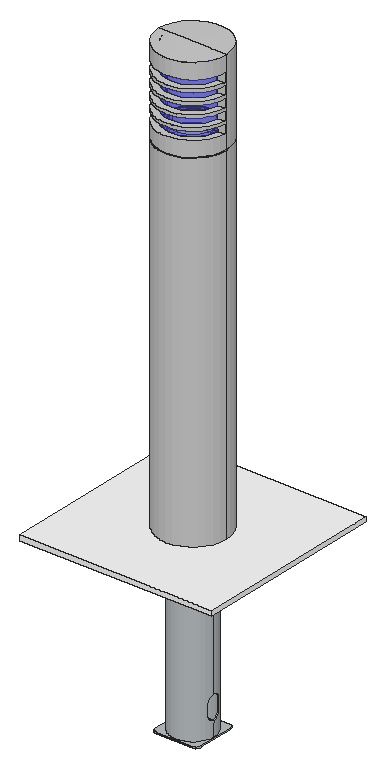
Revit family "BE_84317_de_DE", category Leuchten, Revit 2020
Family settings
  Basisbauteil = Fläche
  Bemaßung runder Anschluss = Durchmesser verwenden
  Teiletyp = Normal
  Beim Laden mit Abzugskörper schneiden = Ja
  Lichtquelle = Ja
  Gemeinsam genutzt = Nein
  Raumberechnungspunkt = Ja
Parameters (values of type "BEGA_84317_Silber_K4")
  built-in parameter 1150104 = 12.747 (stored number, unit not read)
  Wattage = 8.2 W
  Default Elevation = 0 mm
  built-in parameter 1150113 = 1 (stored number, unit not read)
  built-in parameter 1114218 = 1 (stored number, unit not read)
  Umgebungstemperatur = "25 °C"
  URL = "https://www.bega.com/de/produkt/84317"
  Typenkommentare = "© 2022 BEGA. Wir behalten uns das Recht vor, technische Änderungen ohne vorherige Ankündigung vorzunehmen."  # constant formula
  Type Image = 84317.png
  built-in parameter 1150134 = 12
  built-in parameter 1150109 = 1 (stored number, unit not read)
  Strom = ""
  built-in parameter 1150110 = 1 (stored number, unit not read)
  Spannung = 239.996 V
  Sonderanfertigung = no
  Seriennummer [instance] = "Hier können Sie die eindeutige Seriennummer für das Facility Management eintragen."
  Schutzklasse = "I"
  Schutzart = "IP 65"
  Scheinlast = 0 VA
  Produktdatenblatt = "https://cdn.bega.com/bega/products/84317AK3/current/documents/data-sheets/de"
  Oberflächentemperatur = ""
  Neigungswinkel = 0.00°
  Modell = "84317AK4"
  Material_18 = BEGA_Gummi_schwarz
  Material_17 = BEGA_Reflektor
  Material_15 = BEGA_Leuchtmedium_matt
  Material_11 = BEGA_Glas_opal
  Material_09 = BEGA_Glas_klar
  Material_08 = BEGA_Oberfläche_Stahl_verzinkt
  Material_06 = BEGA_Oberfläche_Edelstahl_gebürstet
  Material_03 = BEGA_Oberfläche_Weiss_matt
  Material_02 = BEGA_Oberfläche_Silber_matt
  Material_01 [instance] = BEGA_Oberfläche_Grafit_matt
  M_W = no
  M_G = no
  M_A = yes
  Logo = 0
  built-in parameter 1114217 = 1 (stored number, unit not read)
  built-in parameter 1150139 = (empty or 0)
  built-in parameter 1150105 = 89.534 (stored number, unit not read)
  built-in parameter 1150114 = 1 (stored number, unit not read)
  Lumens = 1125.12 lm
  built-in parameter 1150115 = 1 (stored number, unit not read)
  Leuchtenlichtstrom = "160 lm"
  Leuchtenanzahl = ""
  Lebensdauerkriterien = "L70B50 @ 25 °C = 200000 h"
  Lastklassifizierung = Beleuchtung
  built-in parameter 1150112 = 1 (stored number, unit not read)
  Lampenlichtstrom = "1415 lm"
  Lampe = "LED 8 W"
  LED_Modulbezeichnung = "LED-0292/840"
  built-in parameter 1150142 = (empty or 0)
  Hersteller = "BEGA"  # constant formula
  Halbstreuwinkel = ""
  Gewicht = "8.4 kg"
  Gebrauchslageneinschränkung [instance] = ""
  Frequenz = "0/50-60 Hz"
  Farbwiedergabeindex = "CRI > 80"
  Farbtemperaturverschiebung bei Dämpfen der Lampe = <Keine Auswahl>
  Farbtemperatur = "4000 K"
  Color Filter = 16777215
  built-in parameter 1150133 = 10 (stored number, unit not read)
  Energieeffizienzklasse = "LED A++ - A"
  built-in parameter 1150137 = (empty or 0)
  built-in parameter 1150132 = (empty or 0)
  ENEC = "ja"
  Dimmbar [instance] = "DALI"
  Datei für fotometrisches Netz = "BE_84317K4.IES"
  CE_Konformität = "ja"
  Bestellnummer = "84317AK4"
  Beschreibung_Sonderanfertigung = "Hier können Sie Informationen zur Sonderanfertigung eintragen."
  Beschreibung = "Garten- und Wegeleuchte"
  built-in parameter 1150106 = 0.89534 (stored number, unit not read)
  Befestigungsbohrung = ""
  Befestigungsabstand = ""
  Ballwurfsicher = ""
  BEGA_Intern_aus = yes
  BEGA_Intern_an = yes
  BEGA_Intern_Konstruktion = yes
  BEGA_Intern = yes
  BEGA_IES = yes
  BEGA_Dummy = no
  Anschlussleitung = ""
  Anschlussleistung [instance] = "9.8 W"
  built-in parameter 1150107 = 4000 (stored number, unit not read)
  built-in parameter 1150102 = (empty or 0)
  built-in parameter 1150138 = (empty or 0)
  Aktualisierung = "2022-05-19T04:00:07"
  Abstand_zur_angestrahlten_Fläche [instance] = ""
  AC/DC = "AC/DC"
Types (4, lengths in mm): name | built-in parameter 1150134 | Modell | M_G | M_A | Leuchtenlichtstrom | Lampenlichtstrom | LED_Modulbezeichnung | Farbtemperatur | Datei für fotometrisches Netz | Bestellnummer | built-in parameter 1150107
  BEGA_84317_Grafit_K4 | 12 | "84317K4" | yes | no | "160 lm" | "1415 lm" | "LED-0292/840" | "4000 K" | "BE_84317K4.IES" | "84317K4" | 4000 (stored number, unit not read)
  BEGA_84317_Grafit_K3 | (empty or 0) | "84317K3" | yes | no | "158 lm" | "1395 lm" | "LED-0292/830" | "3000 K" | "BE_84317K3.IES" | "84317K3" | 3000 (stored number, unit not read)
  BEGA_84317_Silber_K4 | 12 | "84317AK4" | no | yes | "160 lm" | "1415 lm" | "LED-0292/840" | "4000 K" | "BE_84317K4.IES" | "84317AK4" | 4000 (stored number, unit not read)
  BEGA_84317_Silber_K3 | (empty or 0) | "84317AK3" | no | yes | "158 lm" | "1395 lm" | "LED-0292/830" | "3000 K" | "BE_84317K3.IES" | "84317AK3" | 3000 (stored number, unit not read)
Reference planes
  plane 1 "Mitte (Vorne/Hinten)": y = 0
  plane 2: z = 0
  plane 3 "Mitte (Links/Rechts)": x = 0
  plane 4 "Links": x = -70
  plane 5 "Rechts": x = 70
  plane 6 "Unten": y = -70.001
  plane 7 "Oben": y = 70
  plane 8 "Vorne": z = 906.03
  plane 9 "Hinten": z = -380.009
Forms (mm)
  Extrusion 1, solid, material "BEGA_Platte_Weiss"
    sketch origin (0, -1119.2, 0) x (1, 0, 0) y (0, 1, 0)
      loop
        line (-200, 1319.2) -> (-200, 919.2) -> (200, 919.2) -> (200, 1319.2) -> (-200, 1319.2)
    from 0 to -10
  Extrusion 2, solid, material "BEGA_Dummy_matt", visible <- "BEGA_Dummy"
    sketch origin (77.149, -76.023, 0) x (1, 0, 0) y (0, 1, 0)
      loop
        circle (-77.149, 76.023) r 70
    from 0 to 906.03
Dimensions and locks
  plane 1 "Mitte (Vorne/Hinten)" to Extrusion 1 = 200 mm
  aligned and locked: plane 2 to Extrusion 1
  aligned and locked: level to Extrusion 1
Nested families
  nested 1: "84317" at (0, 0, 0), type "84317"
Connectors
  electrical at (0, 0, 0), driven by "Lastklassifizierung", driven by "Spannung", driven by "Scheinlast"
    settings: index 1, voltage 239.996 V, apparent load 0 VA, apparent load phase1 0 VA, apparent load phase2 0 VA, apparent load phase3 0 VA, power factor 1, load classification "Beleuchtung", number of poles 1, system type 31, power factor state 1, is connector primary yes, connector utility no, sub classification motor no, connector description ""
Definition of nested family "84317"
  Parameters (values of type "84317")
    Default Elevation = 1 mm
    URL = "http://www.bega.de/de/produkt"
    Type Comments = "© 2015 BEGA. Wir behalten uns das Recht vor, technische Änderungen ohne vorherige Ankündigung vorzunehmen. "  # constant formula
    Type Image = (empty or 0)
    Neigungswinkel_um_Z2 = 0.00°
    Neigungswinkel_um_Z1 = 0.00°
    Neigungswinkel_um_Y2 = 0.00°
    Neigungswinkel_um_Y1 = 0.00°
    Neigungswinkel_um_X2 = 0.00°
    Neigungswinkel_um_X1 = 0.00°
    Material_18 = none
    Material_17 = none
    Material_15 = none
    Material_11 = none
    Material_09 = none
    Material_08 = none
    Material_06 = none
    Material_02 = none
    Material_01 = none
    M_W = yes
    M_G = yes
    M_A = yes
    Länge_Platte = 200 mm  # constant formula
    Höhe_Platte = -10 mm  # constant formula
    Manufacturer = "BEGA"  # constant formula
    Drehwinkel_um_Z2 = 0.00°
    Drehwinkel_um_Z1 = 0.00°
    Breite_Platte = 200 mm  # constant formula
  Reference planes
    plane 1 "Mitte (Oben/Unten)": y = 0
    plane 2: z = 0
    plane 3 "Mitte (Links/Rechts)": x = 0
    plane 4 "Links": x = -70
    plane 5 "Rechts": x = 70
    plane 6 "Oben": y = 70
    plane 7 "Unten": y = -70
    plane 8: z = 906.03
    plane 9: z = -380.009
  Forms (mm)
    Extrusion 1, solid, detail levels medium
      sketch origin (0, 0, 0) x (1, 0, 0) y (0, 1, 0)
        loop
          line (-100, 100) -> (-100, -100) -> (100, -100) -> (100, 100) -> (-100, 100)
      from 0 to -10 <- "Höhe_Platte"
    Revolve 2, solid, material <- "Material_01", visible <- "M_G"
      sketch origin (0, 0, 0) x (1, 0, 0) y (0, 0, 1)
        loop
          line (-70, 725.578) -> (-70, 0) -> (-66.5, 0) -> (-66.5, 711.078) -> (-53.538, 711.078) -> (-53.538, 745.534) -> (-56.685, 745.534) -> (-56.685, 749.545) -> (-59.513, 749.545) -> (-59.513, 727.578) -> (-69, 727.578) -> (-69, 725.578) -> (-70, 725.578)
        axis (0, 749.545) -> (0, 0)
      angle from 0 to 360
    Revolve 3, solid, material <- "Material_18"
      sketch origin (0, 0, 0) x (1, 0, 0) y (0, 0, 1)
        loop
          circle (-54.006, 748.057) r 2.469
        axis (0, 748.057) -> (0, 747.057)
      angle from 0 to 360
    Revolve 4, solid, material <- "Material_11"
      sketch origin (0, 0, 0) x (1, 0, 0) y (0, 0, 1)
        loop
          line (0, 889.668) -> (0, 893.578) -> (-53.516, 893.578) -> (-56.013, 750.499) -> (-47.699, 750.499) -> (-47.699, 726.078) -> (-42, 726.078) -> (-42, 754.609) -> (-51.929, 754.609) -> (-49.572, 889.668) -> (0, 889.668)
        axis (0, 893.578) -> (0, 726.078)
      angle from 0 to 360
    Revolve 5, solid, material <- "Material_01", visible <- "M_G"
      sketch origin (0, 0, 0) x (1, 0, 0) y (0, 0, 1)
        loop
          line (0, 902.317) -> (0, 906.03) -> (-70, 904.853) -> (-70, 727.878) -> (-67, 727.878) -> (-67, 751.878) -> (-57.625, 751.878) -> (-54.999, 902.317) -> (0, 902.317)
        axis (0, 906.03) -> (0, 727.878)
      angle from 0 to 360
    Revolve 6, solid, material <- "Material_08"
      sketch origin (0, 0, 0) x (1, 0, 0) y (0, 0, 1)
        loop
          line (-44.5, 120) -> (-44.5, -378.169) -> (-42.5, -378.169) -> (-42.5, 120) -> (-44.5, 120)
        axis (0, 120) -> (0, -378.169)
      angle from 0 to 360
    Extrusion 7, void
      sketch origin (0, 0, 0) x (0, 1, 0) y (0, 0, 1)
        loop
          arc (-15, -333.169) -> (0, -348.169) -> (15, -333.169) r 15
          line (15, -333.169) -> (15, -313.169)
          arc (15, -313.169) -> (0, -298.169) -> (-15, -313.169) r 15
          line (-15, -313.169) -> (-15, -333.169)
      from -80 to 80
    Extrusion 8, solid, material <- "Material_08"
      sketch origin (0, 0, 0) x (1, 0, 0) y (0, 1, 0)
        loop
          arc (-37.75, 47.75) -> (-44.821, 44.821) -> (-47.75, 37.75) r 10
          line (-47.75, 37.75) -> (-47.75, -37.75)
          arc (-47.75, -37.75) -> (-44.821, -44.821) -> (-37.75, -47.75) r 10
          line (-37.75, -47.75) -> (37.75, -47.75)
          arc (37.75, -47.75) -> (44.821, -44.821) -> (47.75, -37.75) r 10
          line (47.75, -37.75) -> (47.75, 37.75)
          arc (47.75, 37.75) -> (44.821, 44.821) -> (37.75, 47.75) r 10
          line (37.75, 47.75) -> (-37.75, 47.75)
        loop
          circle (0, 0) r 44.5
      from -378.169 to -380.009
    Revolve 9, solid, material <- "Material_02", visible <- "M_A"
      sketch origin (0, 0, 0) x (1, 0, 0) y (0, 0, 1)
        loop
          line (-70, 725.578) -> (-70, 0) -> (-66.5, 0) -> (-66.5, 711.078) -> (-53.538, 711.078) -> (-53.538, 745.534) -> (-56.685, 745.534) -> (-56.685, 749.545) -> (-59.513, 749.545) -> (-59.513, 727.578) -> (-69, 727.578) -> (-69, 725.578) -> (-70, 725.578)
        axis (0, 749.545) -> (0, 0)
      angle from 0 to 360
    Extrusion 10, void
      sketch origin (0, 0, 0) x (0, 1, 0) y (0, 0, 1)
        loop
          line (-74.211, 872.989) -> (-74.211, 854.9) -> (-5, 854.9) -> (-5, 872.989) -> (-74.211, 872.989)
        loop
          line (-74.211, 848.92) -> (-74.211, 830.846) -> (-5, 830.846) -> (-5, 848.92) -> (-74.211, 848.92)
        loop
          line (-74.211, 824.785) -> (-74.211, 806.92) -> (-5, 806.92) -> (-5, 824.785) -> (-74.211, 824.785)
        loop
          line (-74.211, 800.938) -> (-74.211, 782.95) -> (-5, 782.95) -> (-5, 800.938) -> (-74.211, 800.938)
        loop
          line (-74.211, 776.959) -> (-74.211, 758.919) -> (-5, 758.919) -> (-5, 776.959) -> (-74.211, 776.959)
      from -80 to 80
    Revolve 11, solid, material <- "Material_02", visible <- "M_A"
      sketch origin (0, 0, 0) x (1, 0, 0) y (0, 0, 1)
        loop
          line (0, 902.317) -> (0, 906.03) -> (-70, 904.853) -> (-70, 727.878) -> (-67, 727.878) -> (-67, 751.878) -> (-57.625, 751.878) -> (-54.999, 902.317) -> (0, 902.317)
        axis (0, 906.03) -> (0, 727.878)
      angle from 0 to 360
  Cuts and joins
    Extrusion 7 cuts Revolve 6
    joined: Revolve 6, Extrusion 8
    Extrusion 10 cuts Revolve 5
    Extrusion 10 cuts Revolve 11
  Dimensions and locks
    equal spacing: Extrusion 1 sketch curve, plane 3 "Mitte (Links/Rechts)", Extrusion 1 sketch curve
    equal spacing: Extrusion 1 sketch curve, plane 1 "Mitte (Oben/Unten)", Extrusion 1 sketch curve
    "Länge_Platte": Extrusion 1 sketch curve to Extrusion 1 sketch curve
    "Breite_Platte": Extrusion 1 sketch curve to Extrusion 1 sketch curve
    aligned and locked: plane 2 to Extrusion 1
    aligned and locked: level to Extrusion 1
  Automatic sketch dimensions
    Revolve 6 sketch curve to plane 3 "Mitte (Links/Rechts)" = 0 mm
    Revolve 6 sketch curve to plane 3 "Mitte (Links/Rechts)" = 42.5 mm
    Revolve 6 sketch curve to Revolve 6 sketch curve = 2 mm
    Revolve 6 sketch curve to Revolve 6 sketch curve = 1.831 mm
    Revolve 6 sketch curve to Revolve 6 sketch curve = 10 mm
    Extrusion 7 sketch curve to Extrusion 7 sketch curve = 20 mm
    Extrusion 7 sketch curve to plane 1 "Mitte (Oben/Unten)" = 0 mm
    plane 1 "Mitte (Oben/Unten)" to Extrusion 7 sketch curve = 15 mm
    plane 1 "Mitte (Oben/Unten)" to Extrusion 8 sketch curve = 0 mm
    Extrusion 8 sketch curve to plane 3 "Mitte (Links/Rechts)" = 0 mm
    Extrusion 8 sketch curve to plane 3 "Mitte (Links/Rechts)" = 37.75 mm  (x2)
    Extrusion 8 sketch curve to Extrusion 8 sketch curve = 10 mm  (x3)
    plane 3 "Mitte (Links/Rechts)" to Extrusion 8 sketch curve = 37.75 mm
    Extrusion 8 sketch curve to plane 1 "Mitte (Oben/Unten)" = 37.75 mm
    plane 1 "Mitte (Oben/Unten)" to Extrusion 8 sketch curve = 37.75 mm
    Revolve 6 sketch curve to level = 378.169 mm
    Extrusion 7 sketch curve to level = 333.169 mm
    level to Revolve 6 sketch curve = 120 mm
    Revolve 4 sketch curve to plane 3 "Mitte (Links/Rechts)" = 0 mm  (x2)
    plane 4 "Links" to Revolve 4 sketch curve = 28 mm
    Revolve 4 sketch curve to Revolve 4 sketch curve = 5.699 mm
    plane 4 "Links" to Revolve 4 sketch curve = 20.428 mm
    Revolve 4 sketch curve to Revolve 4 sketch curve = 4.23 mm
    Revolve 4 sketch curve to Revolve 4 sketch curve = 3.944 mm
    Revolve 4 sketch curve to Revolve 4 sketch curve = 4.084 mm
    Revolve 4 sketch curve to plane 8 = 179.952 mm
    Revolve 4 sketch curve to Revolve 4 sketch curve = 24.42 mm
    Revolve 4 sketch curve to Revolve 4 sketch curve = 4.111 mm
    Revolve 4 sketch curve to plane 8 = 16.362 mm
    Revolve 4 sketch curve to Revolve 4 sketch curve = 3.91 mm
    Revolve 4 sketch curve to Revolve 4 sketch curve = 46.854 mm
    Revolve 4 sketch curve to plane 8 = 1.806 mm
    Revolve 3 sketch curve to plane 3 "Mitte (Links/Rechts)" = 0 mm
    plane 4 "Links" to Revolve 3 sketch curve = 15.994 mm
    Revolve 3 sketch curve to plane 8 = 157.974 mm
    Revolve 3 sketch curve to Revolve 3 sketch curve = 38.573 mm
    Revolve 3 sketch curve to Revolve 3 sketch curve = 17.911 mm
    Revolve 2 sketch curve to level = 0 mm
    Revolve 2 sketch curve to plane 4 "Links" = 0 mm
    Revolve 2 sketch curve to plane 3 "Mitte (Links/Rechts)" = 0 mm
    plane 4 "Links" to Revolve 2 sketch curve = 1 mm
    Revolve 2 sketch curve to Revolve 2 sketch curve = 2.5 mm
    plane 4 "Links" to Revolve 2 sketch curve = 10.487 mm
    Revolve 2 sketch curve to Revolve 2 sketch curve = 2.828 mm
    Revolve 2 sketch curve to Revolve 2 sketch curve = 3.147 mm
    Revolve 2 sketch curve to plane 8 = 180.452 mm
    Revolve 2 sketch curve to Revolve 2 sketch curve = 2 mm
    Revolve 2 sketch curve to Revolve 2 sketch curve = 17.956 mm
    Revolve 2 sketch curve to Revolve 2 sketch curve = 4.011 mm
    level to Revolve 2 sketch curve = 249.238 mm
    Revolve 2 sketch curve to Revolve 2 sketch curve = 21.293 mm
    Revolve 2 sketch curve to Revolve 2 sketch curve = 14.5 mm
    Revolve 9 sketch curve to level = 0 mm
    Revolve 9 sketch curve to plane 4 "Links" = 0 mm
    Revolve 9 sketch curve to plane 3 "Mitte (Links/Rechts)" = 0 mm
    plane 4 "Links" to Revolve 9 sketch curve = 1 mm
    Revolve 9 sketch curve to Revolve 9 sketch curve = 3.5 mm
    plane 4 "Links" to Revolve 9 sketch curve = 10.487 mm
    Revolve 9 sketch curve to Revolve 9 sketch curve = 2.828 mm
    Revolve 9 sketch curve to Revolve 9 sketch curve = 3.147 mm
    Revolve 9 sketch curve to plane 8 = 194.952 mm
    Revolve 9 sketch curve to Revolve 9 sketch curve = 14.5 mm
    Revolve 9 sketch curve to Revolve 9 sketch curve = 2 mm
    Revolve 9 sketch curve to Revolve 9 sketch curve = 17.956 mm
    Revolve 9 sketch curve to Revolve 9 sketch curve = 4.011 mm
    level to Revolve 9 sketch curve = 249.238 mm
    Revolve 9 sketch curve to Revolve 9 sketch curve = 4.793 mm
    Revolve 5 sketch curve to plane 4 "Links" = 0 mm
    Revolve 5 sketch curve to plane 3 "Mitte (Links/Rechts)" = 0 mm  (x2)
    Revolve 5 sketch curve to plane 8 = 0 mm
    Revolve 5 sketch curve to Revolve 5 sketch curve = 3 mm
    Revolve 5 sketch curve to plane 8 = 1.178 mm
    Revolve 5 sketch curve to Revolve 5 sketch curve = 150.439 mm
    Revolve 5 sketch curve to Revolve 5 sketch curve = 24 mm
    Revolve 5 sketch curve to Revolve 5 sketch curve = 9.375 mm
    plane 4 "Links" to Revolve 5 sketch curve = 15.001 mm
    Revolve 5 sketch curve to plane 8 = 3.713 mm
    Revolve 5 sketch curve to Revolve 5 sketch curve = 1.079 mm
    Revolve 5 sketch curve to Revolve 5 sketch curve = 0.589 mm
    Extrusion 10 sketch curve to plane 7 "Unten" = 4.211 mm  (x5)
    plane 1 "Mitte (Oben/Unten)" to Extrusion 10 sketch curve = 5 mm  (x5)
    Extrusion 10 sketch curve to plane 8 = 147.111 mm
    Extrusion 10 sketch curve to Extrusion 10 sketch curve = 18.04 mm
    Extrusion 10 sketch curve to Extrusion 10 sketch curve = 5.991 mm
    Extrusion 10 sketch curve to Extrusion 10 sketch curve = 17.988 mm
    Extrusion 10 sketch curve to Extrusion 10 sketch curve = 5.983 mm
    Extrusion 10 sketch curve to Extrusion 10 sketch curve = 17.864 mm
    Extrusion 10 sketch curve to Extrusion 10 sketch curve = 6.061 mm
    Extrusion 10 sketch curve to Extrusion 10 sketch curve = 18.075 mm
    Extrusion 10 sketch curve to Extrusion 10 sketch curve = 5.98 mm
    Extrusion 10 sketch curve to Extrusion 10 sketch curve = 18.089 mm
    Revolve 11 sketch curve to plane 4 "Links" = 0 mm
    Revolve 11 sketch curve to plane 3 "Mitte (Links/Rechts)" = 0 mm  (x2)
    Revolve 11 sketch curve to plane 8 = 0 mm
    Revolve 11 sketch curve to Revolve 11 sketch curve = 3 mm
    Revolve 11 sketch curve to Revolve 11 sketch curve = 9.375 mm
    Revolve 11 sketch curve to plane 8 = 3.713 mm
    plane 4 "Links" to Revolve 11 sketch curve = 15.001 mm
    Revolve 11 sketch curve to Revolve 11 sketch curve = 150.439 mm
    Revolve 11 sketch curve to Revolve 11 sketch curve = 24 mm
    Revolve 11 sketch curve to plane 8 = 1.178 mm
    Revolve 11 sketch curve to Revolve 11 sketch curve = 1.079 mm
    Revolve 11 sketch curve to Revolve 11 sketch curve = 0.589 mm
    radius of Extrusion 8 sketch curve = 44.5 mm
    radius of Revolve 3 sketch curve = 2.469 mm
